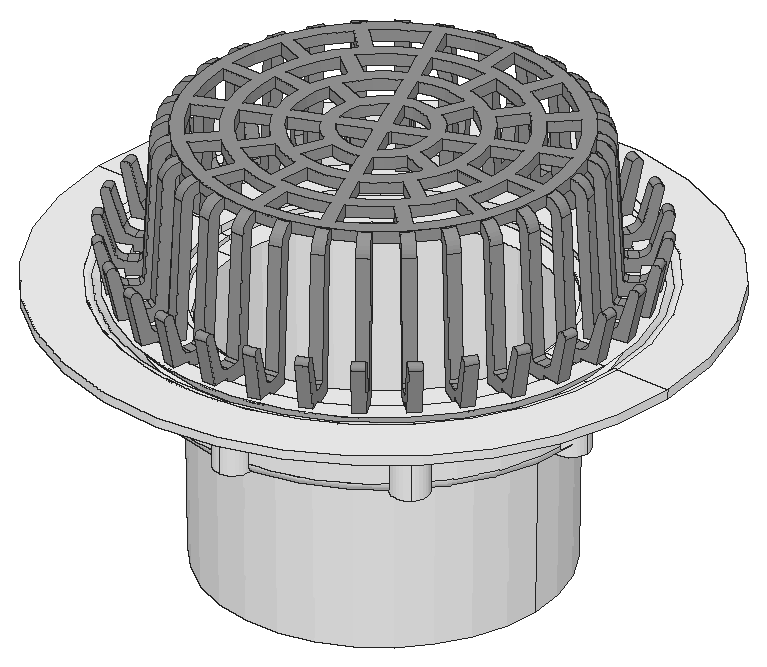
Revit family "3100.305  Roof Drain", category Plumbing Fixtures, Revit 2016
Family settings
  Part Type = Normal
  Round Connector Dimension = Use Diameter
  OmniClass Number = 23.45.00.00
  OmniClass Title = Sanitary, Laundry, and Cleaning Equipment
  Work Plane-Based = No
  Always vertical = Yes
  Cut with Voids When Loaded = No
  Shared = No
  Room Calculation Point = No
Parameters (values of type "3100.305")
  Waste Connection = yes
  Vent Connection = yes
  URL = "www.aquaknight.co.nz"
  Phone = "+6498322214"  # constant formula
  Model = "3100.305"
  Manufacturer = "Aquanight Industries Ltd"  # constant formula
  HW Connection = no
  Email = "info@aquaknight.co.nz"  # constant formula
  Description = "Roof Drain SD HF BE80 DN100x80"
  CW Connection = no
Reference planes
  plane 1 "Center (Front/Back)": y = 0
  plane 2: z = 0
  plane 3 "Center (Left/Right)": x = 0
  plane 4: z = -47.5
Forms (mm)
  Revolve 1, solid, material "Stainless Steel", detail levels coarse+medium
    sketch origin (0, 0, -4) x (1, 0, 0) y (0, 0, 1)
      loop
        arc (-99.426, 8.35) -> (-102.4, 9.331) -> (-104.208, 11.888) r 5
        line (-104.208, 11.888) -> (-108.778, 26.835)
        arc (-108.778, 26.835) -> (-111.391, 28.283) -> (-112.93, 25.722) r 2.151
        line (-112.93, 25.722) -> (-108.066, 4.65) -> (-100, 4.65) -> (-100, 1.923) -> (-88.676, 1.923) -> (-85.493, 62.645)
        arc (-85.493, 62.645) -> (-84.742, 64.624) -> (-82.979, 65.797) r 3.465
        line (-82.979, 65.797) -> (0, 65.797) -> (0, 70.884) -> (-83.417, 70.884)
        arc (-83.417, 70.884) -> (-88.235, 68.962) -> (-90.407, 64.251) r 7
        line (-90.407, 64.251) -> (-93.289, 9.281)
        arc (-93.289, 9.281) -> (-93.98, 8.599) -> (-94.917, 8.35) r 1.89
        line (-94.917, 8.35) -> (-99.426, 8.35)
      axis (0, 70.884) -> (0, 1.923)
    angle from 0 to 360
  Revolve 2, solid, material "Plastic, Glossy White"
    sketch origin (0, 0, -4) x (1, 0, 0) y (0, 0, 1)
      loop
        line (-141.078, 4) -> (-141.078, 0) -> (-115.873, 0) -> (-104.147, -11.726) -> (-104.147, -15.504)
        arc (-104.147, -15.504) -> (-102.974, -18.33) -> (-100.147, -19.5) r 4
        line (-100.147, -19.5) -> (-94.707, -19.5) -> (-94.707, -34.289)
        arc (-94.707, -34.289) -> (-93.424, -37.386) -> (-90.326, -38.669) r 4.381
        line (-90.326, -38.669) -> (-76.981, -38.669) -> (-75.623, -117.432) -> (-72.156, -117.432) -> (-73.965, -12.5) -> (-97.672, -12.5) -> (-112.804, 2.632)
        arc (-112.804, 2.632) -> (-114.32, 3.644) -> (-116.107, 4) r 4.671
        line (-116.107, 4) -> (-141.078, 4)
      loop
        line (-76.5, -6.194) -> (-76.5, -4.131) -> (-80.5, -4.131) -> (-80.5, -1.131) -> (-100.25, -1.131) -> (-100.25, 3.369) -> (-109.5, 3.369) -> (-100.931, -5.201) -> (-76.5, -6.194)
      axis (0, 4) -> (0, -117.432)
    angle from 0 to 360
  Extrusion 3, solid, material "Plastic, Glossy White"
    sketch origin (0, 0, -4) x (1, 0, 0) y (0, 1, 0)
      loop
        circle (-92.877, 0) r 8.2
      loop
        circle (-65.674, -65.674) r 8.2
      loop
        circle (92.877, 0) r 8.2
      loop
        circle (65.674, -65.674) r 8.2
      loop
        circle (0, -92.877) r 8.2
      loop
        circle (-65.674, 65.674) r 8.2
      loop
        circle (65.674, 65.674) r 8.2
      loop
        circle (0, 92.877) r 8.2
    from -38.379 to -12.5
  Extrusion 4, solid, material "Stainless Steel", detail levels fine
    sketch origin (0, 0, 0) x (1, 0, 0) y (0, 1, 0)
      loop
        arc (-32.261, 69.938) -> (-42.842, 64.006) -> (-52.36, 56.486) r 77.021
        line (-52.36, 56.486) -> (-42.772, 46.913)
        arc (-42.772, 46.913) -> (-35.313, 52.757) -> (-27.066, 57.426) r 63.485
        line (-27.066, 57.426) -> (-32.261, 69.938)
      loop
        arc (-3.041, 76.961) -> (-15.087, 75.529) -> (-26.758, 72.223) r 77.021
        line (-26.758, 72.223) -> (-21.563, 59.71)
        arc (-21.563, 59.71) -> (-12.441, 62.254) -> (-3.041, 63.412) r 63.485
        line (-3.041, 63.412) -> (-3.041, 76.961)
      loop
        arc (-24.779, 51.915) -> (-35.056, 45.61) -> (-43.793, 37.301) r 57.526
        line (-43.793, 37.301) -> (-33.029, 29.055)
        arc (-33.029, 29.055) -> (-26.807, 34.878) -> (-19.58, 39.392) r 43.99
        line (-19.58, 39.392) -> (-24.779, 51.915)
      loop
        arc (-17.289, 33.874) -> (-26.914, 26.87) -> (-33.902, 17.234) r 38.031
        line (-33.902, 17.234) -> (-21.332, 12.04)
        arc (-21.332, 12.04) -> (-17.334, 17.307) -> (-12.074, 21.312) r 24.495
        line (-12.074, 21.312) -> (-17.289, 33.874)
      loop
        arc (-9.766, 15.754) -> (-17.131, 7.08) -> (-18.039, -4.263) r 18.536
        line (-18.039, -4.263) -> (-3.894, 1.609) -> (-9.766, 15.754)
      loop
        arc (-56.57, 52.269) -> (-64.075, 42.739) -> (-69.99, 32.149) r 77.021
        line (-69.99, 32.149) -> (-57.469, 26.974)
        arc (-57.469, 26.974) -> (-52.814, 35.228) -> (-46.982, 42.696) r 63.485
        line (-46.982, 42.696) -> (-56.57, 52.269)
      loop
        arc (-47.417, 32.571) -> (-53.165, 21.971) -> (-56.577, 10.407) r 57.526
        line (-56.577, 10.407) -> (-43.131, 8.648)
        arc (-43.131, 8.648) -> (-40.655, 16.801) -> (-36.653, 24.325) r 43.99
        line (-36.653, 24.325) -> (-47.417, 32.571)
      loop
        arc (-63.417, 2.928) -> (-62.275, 12.335) -> (-59.745, 21.467) r 63.485
        line (-59.745, 21.467) -> (-72.266, 26.642)
        arc (-72.266, 26.642) -> (-75.552, 14.971) -> (-76.965, 2.928) r 77.021
        line (-76.965, 2.928) -> (-63.417, 2.928)
      loop
        arc (-57.35, 4.499) -> (-57.028, -7.554) -> (-54.2, -19.276) r 57.526
        line (-54.2, -19.276) -> (-41.677, -14.076)
        arc (-41.677, -14.076) -> (-43.609, -5.777) -> (-43.904, 2.739) r 43.99
        line (-43.904, 2.739) -> (-57.35, 4.499)
      loop
        line (-63.412, -3.041) -> (-76.961, -3.041)
        arc (-76.961, -3.041) -> (-75.529, -15.087) -> (-72.223, -26.758) r 77.021
        line (-72.223, -26.758) -> (-59.71, -21.563)
        arc (-59.71, -21.563) -> (-62.254, -12.441) -> (-63.412, -3.041) r 63.485
      loop
        line (-57.426, -27.066) -> (-69.938, -32.261)
        arc (-69.938, -32.261) -> (-64.006, -42.842) -> (-56.486, -52.36) r 77.021
        line (-56.486, -52.36) -> (-46.913, -42.772)
        arc (-46.913, -42.772) -> (-52.757, -35.313) -> (-57.426, -27.066) r 63.485
      loop
        line (-39.392, -19.58) -> (-51.915, -24.779)
        arc (-51.915, -24.779) -> (-45.61, -35.056) -> (-37.301, -43.793) r 57.526
        line (-37.301, -43.793) -> (-29.055, -33.029)
        arc (-29.055, -33.029) -> (-34.878, -26.807) -> (-39.392, -19.58) r 43.99
      loop
        line (-24.325, -36.653) -> (-32.571, -47.417)
        arc (-32.571, -47.417) -> (-21.971, -53.165) -> (-10.407, -56.577) r 57.526
        line (-10.407, -56.577) -> (-8.648, -43.131)
        arc (-8.648, -43.131) -> (-16.801, -40.655) -> (-24.325, -36.653) r 43.99
      loop
        line (-42.696, -46.982) -> (-52.269, -56.57)
        arc (-52.269, -56.57) -> (-42.739, -64.075) -> (-32.149, -69.99) r 77.021
        line (-32.149, -69.99) -> (-26.974, -57.469)
        arc (-26.974, -57.469) -> (-35.228, -52.814) -> (-42.696, -46.982) r 63.485
      loop
        line (-21.467, -59.745) -> (-26.642, -72.266)
        arc (-26.642, -72.266) -> (-14.971, -75.552) -> (-2.928, -76.965) r 77.021
        line (-2.928, -76.965) -> (-2.928, -63.417)
        arc (-2.928, -63.417) -> (-12.335, -62.275) -> (-21.467, -59.745) r 63.485
      loop
        line (3.041, -63.412) -> (3.041, -76.961)
        arc (3.041, -76.961) -> (15.087, -75.529) -> (26.758, -72.223) r 77.021
        line (26.758, -72.223) -> (21.563, -59.71)
        arc (21.563, -59.71) -> (12.441, -62.254) -> (3.041, -63.412) r 63.485
      loop
        line (-2.739, -43.904) -> (-4.499, -57.35)
        arc (-4.499, -57.35) -> (7.554, -57.028) -> (19.276, -54.2) r 57.526
        line (19.276, -54.2) -> (14.076, -41.677)
        arc (14.076, -41.677) -> (5.777, -43.609) -> (-2.739, -43.904) r 43.99
      loop
        line (19.58, -39.392) -> (24.779, -51.915)
        arc (24.779, -51.915) -> (35.056, -45.61) -> (43.793, -37.301) r 57.526
        line (43.793, -37.301) -> (33.029, -29.055)
        arc (33.029, -29.055) -> (26.807, -34.878) -> (19.58, -39.392) r 43.99
      loop
        line (33.902, -17.234) -> (21.332, -12.04)
        arc (21.332, -12.04) -> (17.334, -17.307) -> (12.074, -21.312) r 24.495
        line (12.074, -21.312) -> (17.289, -33.874)
        arc (17.289, -33.874) -> (26.914, -26.87) -> (33.902, -17.234) r 38.031
      loop
        line (11.786, -36.159) -> (6.571, -23.597)
        arc (6.571, -23.597) -> (0.02, -24.495) -> (-6.533, -23.608) r 24.495
        line (-6.533, -23.608) -> (-11.727, -36.178)
        arc (-11.727, -36.178) -> (0.031, -38.031) -> (11.786, -36.159) r 38.031
      loop
        line (-17.234, -33.902) -> (-12.04, -21.332)
        arc (-12.04, -21.332) -> (-17.307, -17.334) -> (-21.312, -12.074) r 24.495
        line (-21.312, -12.074) -> (-33.874, -17.289)
        arc (-33.874, -17.289) -> (-26.87, -26.914) -> (-17.234, -33.902) r 38.031
      loop
        line (-36.159, -11.786) -> (-23.597, -6.571)
        arc (-23.597, -6.571) -> (-24.495, -0.02) -> (-23.608, 6.533) r 24.495
        line (-23.608, 6.533) -> (-36.178, 11.727)
        arc (-36.178, 11.727) -> (-38.031, -0.031) -> (-36.159, -11.786) r 38.031
      loop
        line (2.566, 4.291) -> (15.754, 9.766)
        arc (15.754, 9.766) -> (7.08, 17.131) -> (-4.263, 18.039) r 18.536
        line (-4.263, 18.039) -> (1.212, 4.851)
        arc (1.212, 4.851) -> (1.91, 4.621) -> (2.566, 4.291) r 5
      loop
        arc (9.766, -15.754) -> (17.131, -7.08) -> (18.039, 4.263) r 18.536
        line (18.039, 4.263) -> (4.851, -1.212)
        arc (4.851, -1.212) -> (4.621, -1.91) -> (4.291, -2.566) r 5
        line (4.291, -2.566) -> (9.766, -15.754)
      loop
        line (-2.566, -4.291) -> (-15.754, -9.766)
        arc (-15.754, -9.766) -> (-7.08, -17.131) -> (4.263, -18.039) r 18.536
        line (4.263, -18.039) -> (-1.212, -4.851)
        arc (-1.212, -4.851) -> (-1.91, -4.621) -> (-2.566, -4.291) r 5
      loop
        line (36.159, 11.786) -> (23.597, 6.571)
        arc (23.597, 6.571) -> (24.495, 0.02) -> (23.608, -6.533) r 24.495
        line (23.608, -6.533) -> (36.178, -11.727)
        arc (36.178, -11.727) -> (38.031, 0.031) -> (36.159, 11.786) r 38.031
      loop
        line (21.312, 12.074) -> (33.874, 17.289)
        arc (33.874, 17.289) -> (26.87, 26.914) -> (17.234, 33.902) r 38.031
        line (17.234, 33.902) -> (12.04, 21.332)
        arc (12.04, 21.332) -> (17.307, 17.334) -> (21.312, 12.074) r 24.495
      loop
        line (6.533, 23.608) -> (11.727, 36.178)
        arc (11.727, 36.178) -> (-0.031, 38.031) -> (-11.786, 36.159) r 38.031
        line (-11.786, 36.159) -> (-6.571, 23.597)
        arc (-6.571, 23.597) -> (-0.02, 24.495) -> (6.533, 23.608) r 24.495
      loop
        line (2.739, 43.904) -> (4.499, 57.35)
        arc (4.499, 57.35) -> (-7.554, 57.028) -> (-19.276, 54.2) r 57.526
        line (-19.276, 54.2) -> (-14.076, 41.677)
        arc (-14.076, 41.677) -> (-5.777, 43.609) -> (2.739, 43.904) r 43.99
      loop
        line (24.325, 36.653) -> (32.571, 47.417)
        arc (32.571, 47.417) -> (21.971, 53.165) -> (10.407, 56.577) r 57.526
        line (10.407, 56.577) -> (8.648, 43.131)
        arc (8.648, 43.131) -> (16.801, 40.655) -> (24.325, 36.653) r 43.99
      loop
        line (39.392, 19.58) -> (51.915, 24.779)
        arc (51.915, 24.779) -> (45.61, 35.056) -> (37.301, 43.793) r 57.526
        line (37.301, 43.793) -> (29.055, 33.029)
        arc (29.055, 33.029) -> (34.878, 26.807) -> (39.392, 19.58) r 43.99
      loop
        line (43.904, -2.739) -> (57.35, -4.499)
        arc (57.35, -4.499) -> (57.028, 7.554) -> (54.2, 19.276) r 57.526
        line (54.2, 19.276) -> (41.677, 14.076)
        arc (41.677, 14.076) -> (43.609, 5.777) -> (43.904, -2.739) r 43.99
      loop
        line (63.412, 3.03) -> (76.961, 3.03)
        arc (76.961, 3.03) -> (75.53, 15.081) -> (72.223, 26.758) r 77.021
        line (72.223, 26.758) -> (59.71, 21.563)
        arc (59.71, 21.563) -> (62.255, 12.435) -> (63.412, 3.03) r 63.485
      loop
        line (57.426, 27.066) -> (69.938, 32.261)
        arc (69.938, 32.261) -> (64.006, 42.842) -> (56.486, 52.36) r 77.021
        line (56.486, 52.36) -> (46.913, 42.772)
        arc (46.913, 42.772) -> (52.757, 35.313) -> (57.426, 27.066) r 63.485
      loop
        line (42.696, 46.982) -> (52.269, 56.57)
        arc (52.269, 56.57) -> (42.739, 64.075) -> (32.149, 69.99) r 77.021
        line (32.149, 69.99) -> (26.974, 57.469)
        arc (26.974, 57.469) -> (35.228, 52.814) -> (42.696, 46.982) r 63.485
      loop
        line (21.467, 59.745) -> (26.642, 72.266)
        arc (26.642, 72.266) -> (14.965, 75.553) -> (2.918, 76.965) r 77.021
        line (2.918, 76.965) -> (2.918, 63.417)
        arc (2.918, 63.417) -> (12.33, 62.276) -> (21.467, 59.745) r 63.485
      loop
        line (36.653, -24.325) -> (47.417, -32.571)
        arc (47.417, -32.571) -> (53.165, -21.971) -> (56.577, -10.407) r 57.526
        line (56.577, -10.407) -> (43.131, -8.648)
        arc (43.131, -8.648) -> (40.655, -16.801) -> (36.653, -24.325) r 43.99
      loop
        line (59.745, -21.467) -> (72.266, -26.642)
        arc (72.266, -26.642) -> (75.552, -14.971) -> (76.965, -2.928) r 77.021
        line (76.965, -2.928) -> (63.417, -2.928)
        arc (63.417, -2.928) -> (62.275, -12.335) -> (59.745, -21.467) r 63.485
      loop
        line (46.982, -42.696) -> (56.57, -52.269)
        arc (56.57, -52.269) -> (64.075, -42.739) -> (69.99, -32.149) r 77.021
        line (69.99, -32.149) -> (57.469, -26.974)
        arc (57.469, -26.974) -> (52.814, -35.228) -> (46.982, -42.696) r 63.485
      loop
        line (27.066, -57.426) -> (32.261, -69.938)
        arc (32.261, -69.938) -> (42.842, -64.006) -> (52.36, -56.486) r 77.021
        line (52.36, -56.486) -> (42.772, -46.913)
        arc (42.772, -46.913) -> (35.313, -52.757) -> (27.066, -57.426) r 63.485
      loop
        circle (0, 0) r 82.979
    from 62 to 67
Lines and regions (mm)
  model lines, detail levels medium+fine
    curve 1: circle (-132.599, 0, 0) r 4 normal (0, 0, 1)
    curve 2: circle (132.599, 0, 0) r 4 normal (0, 0, -1)
    curve 3: circle (0, 132.599, 0) r 4 normal (0, 0, -1)
    curve 4: circle (93.761, 93.761, 0) r 4 normal (0, 0, -1)
    curve 5: circle (-93.761, 93.761, 0) r 4 normal (0, 0, 1)
    curve 6: circle (0, -132.599, 0) r 4 normal (0, 0, 1)
    curve 7: circle (93.761, -93.761, 0) r 4 normal (0, 0, 1)
    curve 8: circle (-93.761, -93.761, 0) r 4 normal (0, 0, -1)
Dimensions and locks
  level to plane 4 = 47.5 mm
  locked: connector elem to plane 1 "Center (Front/Back)" at 0
  locked: connector elem to plane 3 "Center (Left/Right)" at 0
  aligned and locked: level to plane 2
Nested families
  nested 1: "hook" at (0, 0, 0), type "3100.193"
  nested 2: "hook" at (0, 0, 0) x (0.9808, -0.1951, 0) z (0, 0, 1), type "3100.193"
  nested 3: "hook" at (0, 0, 0) x (0.9239, -0.3827, 0) z (0, 0, 1), type "3100.193"
  nested 4: "hook" at (0, 0, 0) x (0.8315, -0.5556, 0) z (0, 0, 1), type "3100.193"
  nested 5: "hook" at (0, 0, 0) x (0.7071, -0.7071, 0) z (0, 0, 1), type "3100.193"
  nested 6: "hook" at (0, 0, 0) x (0.5556, -0.8315, 0) z (0, 0, 1), type "3100.193"
  nested 7: "hook" at (0, 0, 0) x (0.3827, -0.9239, 0) z (0, 0, 1), type "3100.193"
  nested 8: "hook" at (0, 0, 0) x (0.1951, -0.9808, 0) z (0, 0, 1), type "3100.193"
  nested 9: "hook" at (0, 0, 0) x (0, -1, 0) z (0, 0, 1), type "3100.193"
  nested 10: "hook" at (0, 0, 0) x (-0.1951, -0.9808, 0) z (0, 0, 1), type "3100.193"
  nested 11: "hook" at (0, 0, 0) x (-0.3827, -0.9239, 0) z (0, 0, 1), type "3100.193"
  nested 12: "hook" at (0, 0, 0) x (-0.5556, -0.8315, 0) z (0, 0, 1), type "3100.193"
  nested 13: "hook" at (0, 0, 0) x (-0.7071, -0.7071, 0) z (0, 0, 1), type "3100.193"
  nested 14: "hook" at (0, 0, 0) x (-0.8315, -0.5556, 0) z (0, 0, 1), type "3100.193"
  nested 15: "hook" at (0, 0, 0) x (-0.9239, -0.3827, 0) z (0, 0, 1), type "3100.193"
  nested 16: "hook" at (0, 0, 0) x (-0.9808, -0.1951, 0) z (0, 0, 1), type "3100.193"
  nested 17: "hook" at (0, 0, 0) x (-1, 0, 0) z (0, 0, 1), type "3100.193"
  nested 18: "hook" at (0, 0, 0) x (-0.9808, 0.1951, 0) z (0, 0, 1), type "3100.193"
  nested 19: "hook" at (0, 0, 0) x (-0.9239, 0.3827, 0) z (0, 0, 1), type "3100.193"
  nested 20: "hook" at (0, 0, 0) x (-0.8315, 0.5556, 0) z (0, 0, 1), type "3100.193"
  nested 21: "hook" at (0, 0, 0) x (-0.7071, 0.7071, 0) z (0, 0, 1), type "3100.193"
  nested 22: "hook" at (0, 0, 0) x (-0.5556, 0.8315, 0) z (0, 0, 1), type "3100.193"
  nested 23: "hook" at (0, 0, 0) x (-0.3827, 0.9239, 0) z (0, 0, 1), type "3100.193"
  nested 24: "hook" at (0, 0, 0) x (-0.1951, 0.9808, 0) z (0, 0, 1), type "3100.193"
  nested 25: "hook" at (0, 0, 0) x (0, 1, 0) z (0, 0, 1), type "3100.193"
  nested 26: "hook" at (0, 0, 0) x (0.1951, 0.9808, 0) z (0, 0, 1), type "3100.193"
  nested 27: "hook" at (0, 0, 0) x (0.3827, 0.9239, 0) z (0, 0, 1), type "3100.193"
  nested 28: "hook" at (0, 0, 0) x (0.5556, 0.8315, 0) z (0, 0, 1), type "3100.193"
  nested 29: "hook" at (0, 0, 0) x (0.7071, 0.7071, 0) z (0, 0, 1), type "3100.193"
  nested 30: "hook" at (0, 0, 0) x (0.8315, 0.5556, 0) z (0, 0, 1), type "3100.193"
  nested 31: "hook" at (0, 0, 0) x (0.9239, 0.3827, 0) z (0, 0, 1), type "3100.193"
  nested 32: "hook" at (0, 0, 0) x (0.9808, 0.1951, 0) z (0, 0, 1), type "3100.193"
Connectors
  piping at (0, 0, -47.5), diameter 150
    settings: on plane 4, index 1, connector inside diameter 609.6 mm, connector length 0 mm, flow factor 0, pipe flow 0.0 L/s, pressure drop 0.0 Pa, fitting loss kfactor 0, connector angle 0.00°, fixture units 0, engagement length 0 mm, angle of deflection 0.00°, flow configuration 0, flow direction 0, fitting loss method 0, system type 28, joint type 0, gender type 0, connector reference index -1, connector utility 0, adjustable connector no, is connector primary yes, connector description ""
Definition of nested family "hook"
  Parameters (values of type "3100.193")
    Waste Connection = yes
    Vent Connection = yes
    URL = "www.aquaknight.co.nz"
    Phone = "+6498322214"  # constant formula
    Model = "3100.193"
    Manufacturer = "Aquanight Industries Ltd"  # constant formula
    HW Connection = no
    Email = "info@aquaknight.co.nz"  # constant formula
    Description = "Roof Drain SD HF BE80 DN100x80"
    CW Connection = no
  Reference planes
    plane 1 "Center (Front/Back)": y = 0
    plane 2: z = 0
    plane 3 "Center (Left/Right)": x = 0
    plane 4: z = -47.5
  Forms (mm)
    Extrusion 1, solid, detail levels fine
      sketch origin (0, 0, 0) x (1, 0, 0) y (0, 0, 1)
        loop
          line (-104.163, 7.858) -> (-108.746, 22.835)
          spline (-108.746, 22.835) -> (-108.97, 23.332) -> (-109.313, 23.757) -> (-109.752, 24.082) -> (-110.258, 24.287) -> (-110.8, 24.357) -> (-111.342, 24.288) -> (-111.849, 24.086) -> (-112.288, 23.762) -> (-112.633, 23.338) -> (-112.859, 22.841) -> (-112.953, 22.303) -> (-112.909, 21.759)
          line (-112.909, 21.759) -> (-108.033, 0.65) -> (-99.961, 0.65) -> (-99.961, -2.077) -> (-88.627, -2.077) -> (-85.441, 58.668)
          spline (-85.441, 58.668) -> (-85.401, 59.022) -> (-85.325, 59.371) -> (-85.214, 59.71) -> (-85.069, 60.036) -> (-84.891, 60.345) -> (-84.682, 60.634) -> (-84.445, 60.9) -> (-84.181, 61.14) -> (-83.894, 61.352) -> (-83.587, 61.533) -> (-83.263, 61.682) -> (-82.925, 61.797)
          line (-82.925, 61.797) -> (-82.925, 66.884)
          spline (-82.925, 66.884) -> (-83.893, 66.727) -> (-84.836, 66.457) -> (-85.741, 66.08) -> (-86.595, 65.598) -> (-87.388, 65.021) -> (-88.107, 64.354) -> (-88.744, 63.608) -> (-89.288, 62.793) -> (-89.734, 61.919) -> (-90.074, 60.999) -> (-90.305, 60.046) -> (-90.422, 59.072)
          line (-90.422, 59.072) -> (-93.245, 5.281)
          spline (-93.245, 5.281) -> (-93.334, 5.144) -> (-93.435, 5.015) -> (-93.546, 4.895) -> (-93.667, 4.785) -> (-93.798, 4.686) -> (-93.936, 4.599) -> (-94.082, 4.524) -> (-94.233, 4.462) -> (-94.389, 4.413) -> (-94.549, 4.378) -> (-94.711, 4.357) -> (-94.875, 4.35)
          line (-94.875, 4.35) -> (-99.387, 4.35)
          spline (-99.387, 4.35) -> (-99.915, 4.378) -> (-100.436, 4.461) -> (-100.946, 4.599) -> (-101.439, 4.79) -> (-101.909, 5.031) -> (-102.35, 5.321) -> (-102.759, 5.656) -> (-103.13, 6.032) -> (-103.459, 6.445) -> (-103.743, 6.89) -> (-103.979, 7.363) -> (-104.163, 7.858)
      from -2.8 to 2.8
  Dimensions and locks
    level to plane 4 = 47.5 mm
    aligned and locked: level to plane 2
